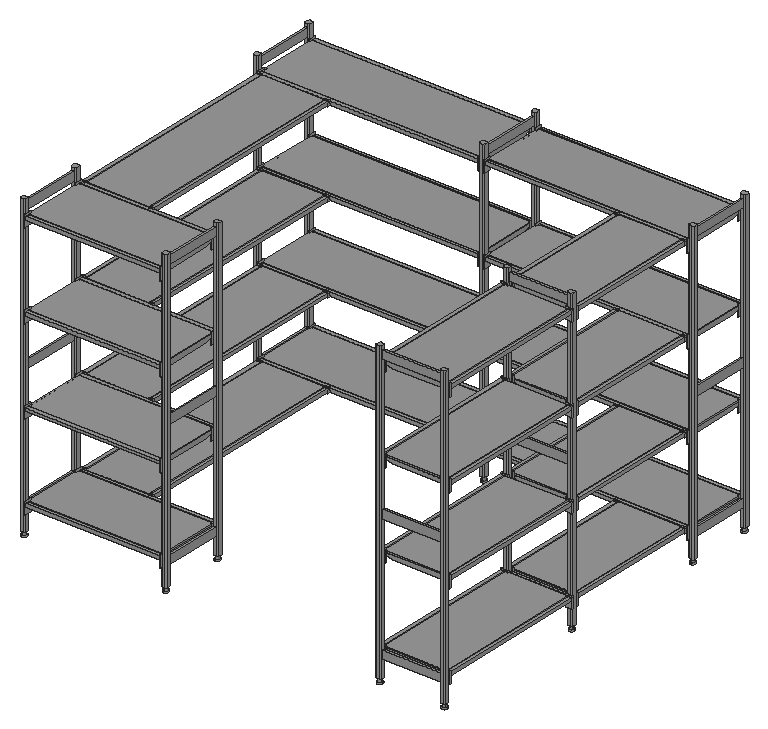
Revit family "QF_ELECTROLUXPROFESSIONAL_137102_CRS2420", category Attrezzature speciali, Revit 2020 (continued)
Definition of nested family "QF_708G"
  Definition of nested family "WT_Aggancio373B"
    Parameters
      A = 708 mm
    Reference planes
      plane 1: z = 0
      plane 2 "LEFT": x = -417
      plane 3 "BACK": y = 23
      plane 4 "FRONT": y = -350
      plane 5 "TOP": z = 1590
      plane 6 "Center (Front/Back)": y = -163.5
      plane 7: y = -8.5
      plane 8: y = -318.5
      plane 9 "FEET": z = 25
      plane 10: z = 140
      plane 11: z = 590
      plane 12: z = 1040
      plane 13: z = 1490
      plane 14: y = 5.5
      plane 15 "CYBack": y = 5.5
      plane 16 "CYFront": y = -332.5
    Forms (mm)
      Extrusion 1, solid
        sketch origin (-380, -0.022, 0) x (0, 1, 0) y (0, 0, 1)
          loop
            line (-12, 1497.998) -> (4, 1497.998) -> (4, 1515.994) -> (2.007, 1515.994) -> (2.007, 1509.496) -> (-329, 1509.496) -> (-329, 1515.994) -> (-331, 1515.994) -> (-331, 1497.998) -> (-315, 1497.998) -> (-281, 1485.994) -> (-46, 1485.994) -> (-12, 1497.998)
          loop
            line (-12, 1047.998) -> (4, 1047.998) -> (4, 1065.994) -> (2.007, 1065.994) -> (2.007, 1059.496) -> (-329, 1059.496) -> (-329, 1065.994) -> (-331, 1065.994) -> (-331, 1047.998) -> (-315, 1047.998) -> (-281, 1035.994) -> (-46, 1035.994) -> (-12, 1047.998)
          loop
            line (-12, 597.998) -> (4, 597.998) -> (4, 615.994) -> (2.007, 615.994) -> (2.007, 609.496) -> (-329, 609.496) -> (-329, 615.994) -> (-331, 615.994) -> (-331, 597.998) -> (-315, 597.998) -> (-281, 585.994) -> (-46, 585.994) -> (-12, 597.998)
          loop
            line (-12, 147.998) -> (4, 147.998) -> (4, 165.994) -> (2.007, 165.994) -> (2.007, 159.496) -> (-329, 159.496) -> (-329, 165.994) -> (-331, 165.994) -> (-331, 147.998) -> (-315, 147.998) -> (-281, 135.994) -> (-46, 135.994) -> (-12, 147.998)
        from -32 to -37
      Extrusion 2, solid
        sketch origin (-793.062, -324.754, 6.5) x (1, 0, 0) y (0, 0, 1)
          loop
            line (385.062, 1509.496) -> (385.062, 1512.496) -> (376.062, 1512.496) -> (376.062, 1485.994) -> (390.031, 1485.994) -> (390.031, 1491.496) -> (381.062, 1491.496) -> (381.062, 1509.496) -> (385.062, 1509.496)
          loop
            line (385.062, 1059.496) -> (385.062, 1062.496) -> (376.062, 1062.496) -> (376.062, 1035.994) -> (390.031, 1035.994) -> (390.031, 1041.496) -> (381.062, 1041.496) -> (381.062, 1059.496) -> (385.062, 1059.496)
          loop
            line (385.062, 609.496) -> (385.062, 612.496) -> (376.062, 612.496) -> (376.062, 585.994) -> (390.031, 585.994) -> (390.031, 591.496) -> (381.062, 591.496) -> (381.062, 609.496) -> (385.062, 609.496)
          loop
            line (385.062, 159.496) -> (385.062, 162.496) -> (376.062, 162.496) -> (376.062, 135.994) -> (390.031, 135.994) -> (390.031, 141.496) -> (381.062, 141.496) -> (381.062, 159.496) -> (385.062, 159.496)
        from 6.268 to 25.246
      Extrusion 3, solid
        sketch origin (-793.062, 32.754, 6.5) x (1, 0, 0) y (0, 0, 1)
          loop
            line (385.062, 1509.496) -> (385.062, 1512.496) -> (376.062, 1512.496) -> (376.062, 1485.994) -> (390.031, 1485.994) -> (390.031, 1491.496) -> (381.062, 1491.496) -> (381.062, 1509.496) -> (385.062, 1509.496)
          loop
            line (385.062, 1059.496) -> (385.062, 1062.496) -> (376.062, 1062.496) -> (376.062, 1035.994) -> (390.031, 1035.994) -> (390.031, 1041.496) -> (381.062, 1041.496) -> (381.062, 1059.496) -> (385.062, 1059.496)
          loop
            line (385.062, 609.496) -> (385.062, 612.496) -> (376.062, 612.496) -> (376.062, 585.994) -> (390.031, 585.994) -> (390.031, 591.496) -> (381.062, 591.496) -> (381.062, 609.496) -> (385.062, 609.496)
          loop
            line (385.062, 159.496) -> (385.062, 162.496) -> (376.062, 162.496) -> (376.062, 135.994) -> (390.031, 135.994) -> (390.031, 141.496) -> (381.062, 141.496) -> (381.062, 159.496) -> (385.062, 159.496)
        from 9.754 to 28.776
    Lines and regions (mm)
      symbolic lines
        curve 1: line (-412, -350, 0) -> (-408, -350, 0)
        curve 2: line (-412, -331.022, 0) -> (-412, -350, 0)
        curve 3: line (-408, -331.022, 0) -> (-412, -331.022, 0)
        curve 4: line (-408, -350, 0) -> (-408, -331.022, 0)
        curve 5: line (-412, 3.978, 0) -> (-408, 3.978, 0)
        curve 6: line (-412, 23, 0) -> (-412, 3.978, 0)
        curve 7: line (-408, 23, 0) -> (-412, 23, 0)
        curve 8: line (-408, 3.978, 0) -> (-408, 23, 0)
    Dimensions and locks
      "Height": plane 5 "TOP" to level
      "Depth": plane 3 "BACK" to plane 4 "FRONT"
      "Dint": plane 7 to plane 8
      equal spacing: plane 7, plane 6 "Center (Front/Back)", plane 8
      equal spacing: plane 3 "BACK", plane 6 "Center (Front/Back)", plane 4 "FRONT"
      plane 9 "FEET" to level = 25 mm
      plane 10 to plane 9 "FEET" = 115 mm
      locked: plane 11 to plane 10 at 450
      locked: plane 12 to plane 11 at 450
      locked: plane 13 to plane 12 at 450
      locked: plane 3 "BACK" to plane 15 "CYBack" at 17.5
      locked: plane 16 "CYFront" to plane 4 "FRONT" at 17.5
      aligned and locked: level to plane 1
      aligned and locked: Extrusion 1 sketch curve to Extrusion 1 sketch curve  (x3)
    Automatic sketch dimensions
      plane 16 "CYFront" to Extrusion 1 sketch curve = 1.478 mm  (x4)
      Extrusion 1 sketch curve to Extrusion 1 sketch curve = 2 mm
      plane 8 to Extrusion 1 sketch curve = 3.478 mm  (x4)
      Extrusion 1 sketch curve to plane 10 = 4.006 mm
      Extrusion 1 sketch curve to Extrusion 1 sketch curve = 34 mm  (x4)
      Extrusion 1 sketch curve to plane 11 = 4.006 mm
      Extrusion 1 sketch curve to plane 12 = 4.006 mm
      Extrusion 1 sketch curve to plane 13 = 4.006 mm
      Extrusion 1 sketch curve to plane 7 = 37.522 mm  (x4)
      Extrusion 1 sketch curve to plane 7 = 3.522 mm  (x4)
      plane 14 to Extrusion 1 sketch curve = 3.516 mm  (x4)
      plane 14 to Extrusion 1 sketch curve = 1.522 mm  (x4)
      plane 10 to Extrusion 1 sketch curve = 7.998 mm  (x2)
      Extrusion 1 sketch curve to Extrusion 1 sketch curve = 11.498 mm  (x4)
      Extrusion 1 sketch curve to Extrusion 1 sketch curve = 6.499 mm  (x8)
      plane 11 to Extrusion 1 sketch curve = 7.998 mm  (x2)
      plane 12 to Extrusion 1 sketch curve = 7.998 mm  (x2)
      plane 13 to Extrusion 1 sketch curve = 7.998 mm  (x2)
      plane 2 "LEFT" to Extrusion 2 sketch curve = 0 mm  (x4)
      plane 13 to Extrusion 2 sketch curve = 7.996 mm
      plane 11 to Extrusion 2 sketch curve = 7.996 mm
      Extrusion 2 sketch curve to Extrusion 2 sketch curve = 5 mm  (x4)
      plane 11 to Extrusion 2 sketch curve = 2.494 mm
      plane 10 to Extrusion 2 sketch curve = 28.996 mm
      Extrusion 2 sketch curve to Extrusion 2 sketch curve = 3 mm  (x4)
      plane 10 to Extrusion 2 sketch curve = 7.996 mm
      plane 10 to Extrusion 2 sketch curve = 2.494 mm
      Extrusion 2 sketch curve to Extrusion 2 sketch curve = 18 mm  (x3)
      plane 12 to Extrusion 2 sketch curve = 2.494 mm
      plane 12 to Extrusion 2 sketch curve = 7.996 mm
      plane 13 to Extrusion 2 sketch curve = 2.494 mm
      plane 2 "LEFT" to Extrusion 3 sketch curve = 0 mm  (x4)
      plane 13 to Extrusion 3 sketch curve = 7.996 mm
      plane 11 to Extrusion 3 sketch curve = 7.996 mm
      Extrusion 3 sketch curve to Extrusion 3 sketch curve = 5 mm  (x4)
      plane 11 to Extrusion 3 sketch curve = 2.494 mm
      plane 10 to Extrusion 3 sketch curve = 28.996 mm
      Extrusion 3 sketch curve to Extrusion 3 sketch curve = 3 mm  (x4)
      plane 10 to Extrusion 3 sketch curve = 7.996 mm
      plane 10 to Extrusion 3 sketch curve = 2.494 mm
      Extrusion 3 sketch curve to Extrusion 3 sketch curve = 18 mm  (x3)
      plane 12 to Extrusion 3 sketch curve = 2.494 mm
      plane 12 to Extrusion 3 sketch curve = 7.996 mm
      plane 13 to Extrusion 3 sketch curve = 2.494 mm
      plane 2 "LEFT" to curve 1 = 5 mm
      plane 2 "LEFT" to curve 7 = 5 mm
      curve 1 to plane 16 "CYFront" = 17.5 mm
      curve 3 to plane 8 = 12.522 mm
      plane 7 to curve 5 = 12.478 mm
      curve 7 to plane 14 = 17.5 mm
      curve 5 to curve 5 = 4 mm
      curve 1 to curve 4 = 4 mm
      Extrusion 2 sketch curve to Extrusion 2 sketch curve = 4 mm  (x4)
      Extrusion 2 sketch curve to Extrusion 2 sketch curve = 8.969 mm  (x4)
      Extrusion 3 sketch curve to Extrusion 3 sketch curve = 4 mm  (x4)
      Extrusion 3 sketch curve to Extrusion 3 sketch curve = 8.969 mm  (x4)
Definition of nested family "QF_798"
  Parameters
    Default Elevation = 0 mm
    Model = "137011"
    Manufacturer = "Electrolux Professional"
    Description = ""
  Reference planes
    plane 1: z = 0
    plane 2 "Center (Left/Right)": x = -31
    plane 3 "LEFT": x = -462
    plane 4 "RIGHT": x = 400
    plane 5 "BACK": y = 23
    plane 6 "FRONT": y = -350
    plane 7 "TOP": z = 1700
    plane 8: x = 395
    plane 9: x = -430
    plane 10: x = 368
    plane 11 "Center (Front/Back)": y = -163.5
    plane 12: x = 363
    plane 13: y = -8.5
    plane 14: y = -318.5
    plane 15 "FEET": z = 25
    plane 16: z = 140
    plane 17: z = 590
    plane 18: z = 1040
    plane 19: z = 1490
    plane 20 "CXLeft": x = -448
    plane 21 "CXRight": x = 386
    plane 22: y = 5.5
    plane 23 "CYBack": y = 5.5
    plane 24 "CYFront": y = -332.5
  Forms (mm)
    Extrusion 1, solid
      sketch origin (-462, 0, 0) x (0, 1, 0) y (0, 0, 1)
        loop
          line (4, 1515.994) -> (4, 1497.998) -> (23, 1497.998) -> (23, 1515.994) -> (4, 1515.994)
        loop
          line (-331, 1515.994) -> (-350, 1515.994) -> (-350, 1497.998) -> (-331, 1497.998) -> (-331, 1515.994)
        loop
          line (4, 1065.994) -> (4, 1047.998) -> (23, 1047.998) -> (23, 1065.994) -> (4, 1065.994)
        loop
          line (-331, 1065.994) -> (-350, 1065.994) -> (-350, 1047.998) -> (-331, 1047.998) -> (-331, 1065.994)
        loop
          line (4, 615.994) -> (4, 597.998) -> (23, 597.998) -> (23, 615.994) -> (4, 615.994)
        loop
          line (-331, 615.994) -> (-350, 615.994) -> (-350, 597.998) -> (-331, 597.998) -> (-331, 615.994)
        loop
          line (4, 165.994) -> (4, 147.998) -> (23, 147.998) -> (23, 165.994) -> (4, 165.994)
        loop
          line (-331, 165.994) -> (-350, 165.994) -> (-350, 147.998) -> (-331, 147.998) -> (-331, 165.994)
      from 32 to 830
    Extrusion 2, solid
      sketch origin (-462, 0, 135) x (0, 1, 0) y (0, 0, 1)
        loop
          line (2.007, 1380.994) -> (-329, 1380.994) -> (-329, 1374.496) -> (2.007, 1374.496) -> (2.007, 1380.994)
        loop
          line (2.007, 930.994) -> (-329, 930.994) -> (-329, 924.496) -> (2.007, 924.496) -> (2.007, 930.994)
        loop
          line (2.007, 480.994) -> (-329, 480.994) -> (-329, 474.496) -> (2.007, 474.496) -> (2.007, 480.994)
        loop
          line (2.007, 30.994) -> (-329, 30.994) -> (-329, 24.496) -> (2.007, 24.496) -> (2.007, 30.994)
      from 32 to 830
    Extrusion 3, solid
      sketch origin (400, 0, 135) x (0, 1, 0) y (0, 0, 1)
        loop
          line (-12, 1362.998) -> (4, 1362.998) -> (4, 1380.994) -> (2.007, 1380.994) -> (2.007, 1374.496) -> (-329, 1374.496) -> (-329, 1380.994) -> (-331, 1380.994) -> (-331, 1362.998) -> (-315, 1362.998) -> (-281, 1350.994) -> (-46, 1350.994) -> (-12, 1362.998)
        loop
          line (-12, 912.998) -> (4, 912.998) -> (4, 930.994) -> (2.007, 930.994) -> (2.007, 924.496) -> (-329, 924.496) -> (-329, 930.994) -> (-331, 930.994) -> (-331, 912.998) -> (-315, 912.998) -> (-281, 900.994) -> (-46, 900.994) -> (-12, 912.998)
        loop
          line (-12, 462.998) -> (4, 462.998) -> (4, 480.994) -> (2.007, 480.994) -> (2.007, 474.496) -> (-329, 474.496) -> (-329, 480.994) -> (-331, 480.994) -> (-331, 462.998) -> (-315, 462.998) -> (-281, 450.994) -> (-46, 450.994) -> (-12, 462.998)
        loop
          line (-12, 12.998) -> (4, 12.998) -> (4, 30.994) -> (2.007, 30.994) -> (2.007, 24.496) -> (-329, 24.496) -> (-329, 30.994) -> (-331, 30.994) -> (-331, 12.998) -> (-315, 12.998) -> (-281, 0.994) -> (-46, 0.994) -> (-12, 12.998)
      from -32 to -37
  Lines and regions (mm)
    symbolic lines
      curve 1: line (368, 4, 1700) -> (-430, 4, 1700)
      curve 2: line (-434, 23, 1700) -> (372, 23, 1700)
      curve 3: line (372, 13.246, 1700) -> (378.254, 19.5, 1700)
      curve 4: line (378.254, -8.5, 1700) -> (372, -2.246, 1700)
      curve 5: line (378.254, -318.5, 1700) -> (372, -324.754, 1700)
      curve 6: line (-434, -350, 1700) -> (372, -350, 1700)
      curve 7: line (372, 23, 1700) -> (372, -12.993, 1700)
      curve 8: line (372, -12.993, 1700) -> (368, -12.993, 1700)
      curve 9: line (372, -350, 1700) -> (372, -314.007, 1700)
      curve 10: line (372, -314.007, 1700) -> (368, -314.007, 1700)
      curve 11: line (-430, -12.993, 1700) -> (-430, -314.007, 1700)
      curve 12: line (-430, -331, 1700) -> (368, -331, 1700)
      curve 13: line (368, -12.993, 1700) -> (368, -314.007, 1700)
  Dimensions and locks
    locked: plane 3 "LEFT" to plane 4 "RIGHT" at 862
    equal spacing: plane 3 "LEFT", plane 2 "Center (Left/Right)", plane 4 "RIGHT"
    locked: plane 7 "TOP" to level at 1700
    locked: plane 5 "BACK" to plane 6 "FRONT" at 373
    locked: plane 4 "RIGHT" to plane 8 at 5
    locked: plane 9 to plane 10 at 798
    locked: plane 3 "LEFT" to plane 9 at 32
    plane 12 to plane 10 = 5 mm
    locked: plane 13 to plane 14 at 310
    equal spacing: plane 13, plane 11 "Center (Front/Back)", plane 14
    equal spacing: plane 5 "BACK", plane 11 "Center (Front/Back)", plane 6 "FRONT"
    plane 15 "FEET" to level = 25 mm
    plane 7 "TOP" to plane 15 "FEET" = 1675 mm
    plane 17 to plane 16 = 450 mm
    plane 18 to plane 17 = 450 mm
    plane 19 to plane 18 = 450 mm
    locked: plane 3 "LEFT" to plane 20 "CXLeft" at 14
    locked: plane 21 "CXRight" to plane 4 "RIGHT" at 14
    locked: plane 5 "BACK" to plane 23 "CYBack" at 17.5
    locked: plane 24 "CYFront" to plane 6 "FRONT" at 17.5
    plane 16 to level = 140 mm
    plane 17 to level = 590 mm
    plane 18 to level = 1040 mm
    plane 19 to level = 1490 mm
    aligned and locked: level to plane 1
    aligned and locked: plane 9 to Extrusion 2
    aligned and locked: Extrusion 2 to plane 10
    aligned and locked: plane 9 to Extrusion 1
    aligned and locked: Extrusion 1 to plane 10
    aligned and locked: Extrusion 1 sketch curve to Extrusion 1 sketch curve  (x2)
    aligned and locked: Extrusion 3 sketch curve to Extrusion 3 sketch curve  (x3)
    aligned and locked: Extrusion 3 to plane 12
    aligned and locked: Extrusion 3 to plane 10
    aligned and locked: plane 20 "CXLeft" to nested 1
    aligned and locked: plane 21 "CXRight" to nested 2
  Automatic sketch dimensions
    Extrusion 1 sketch curve to plane 6 "FRONT" = 0 mm  (x4)
    Extrusion 1 sketch curve to plane 5 "BACK" = 0 mm  (x4)
    plane 24 "CYFront" to Extrusion 1 sketch curve = 1.5 mm  (x2)
    plane 22 to Extrusion 1 sketch curve = 1.5 mm  (x4)
    plane 16 to Extrusion 1 sketch curve = 7.998 mm  (x2)
    Extrusion 1 sketch curve to Extrusion 1 sketch curve = 17.997 mm  (x8)
    plane 17 to Extrusion 1 sketch curve = 7.998 mm  (x2)
    plane 18 to Extrusion 1 sketch curve = 7.998 mm  (x2)
    plane 19 to Extrusion 1 sketch curve = 7.998 mm  (x2)
    plane 24 "CYFront" to Extrusion 2 sketch curve = 3.5 mm  (x4)
    plane 22 to Extrusion 2 sketch curve = 3.493 mm  (x4)
    plane 16 to Extrusion 2 sketch curve = 19.496 mm
    Extrusion 2 sketch curve to Extrusion 2 sketch curve = 6.499 mm  (x4)
    plane 17 to Extrusion 2 sketch curve = 19.496 mm
    plane 18 to Extrusion 2 sketch curve = 19.496 mm
    plane 19 to Extrusion 2 sketch curve = 19.496 mm
    plane 24 "CYFront" to Extrusion 3 sketch curve = 1.5 mm  (x4)
    Extrusion 3 sketch curve to Extrusion 3 sketch curve = 2 mm
    plane 14 to Extrusion 3 sketch curve = 3.5 mm  (x4)
    Extrusion 3 sketch curve to plane 16 = 4.006 mm
    Extrusion 3 sketch curve to Extrusion 3 sketch curve = 34 mm  (x4)
    Extrusion 3 sketch curve to plane 17 = 4.006 mm
    Extrusion 3 sketch curve to plane 18 = 4.006 mm
    Extrusion 3 sketch curve to plane 19 = 4.006 mm
    Extrusion 3 sketch curve to plane 13 = 37.5 mm  (x4)
    Extrusion 3 sketch curve to plane 13 = 3.5 mm  (x4)
    plane 22 to Extrusion 3 sketch curve = 3.493 mm  (x4)
    plane 22 to Extrusion 3 sketch curve = 1.5 mm  (x4)
    plane 16 to Extrusion 3 sketch curve = 7.998 mm  (x2)
    Extrusion 3 sketch curve to Extrusion 3 sketch curve = 11.498 mm  (x4)
    Extrusion 3 sketch curve to Extrusion 3 sketch curve = 6.499 mm  (x8)
    plane 17 to Extrusion 3 sketch curve = 7.998 mm  (x2)
    plane 18 to Extrusion 3 sketch curve = 7.998 mm  (x2)
    plane 19 to Extrusion 3 sketch curve = 7.998 mm  (x2)
    curve 6 to plane 6 "FRONT" = 0 mm
    curve 12 to plane 9 = 0 mm
    curve 12 to plane 10 = 0 mm
    curve 5 to plane 14 = 0 mm
    curve 11 to plane 9 = 0 mm
    curve 8 to plane 10 = 0 mm
    curve 4 to plane 13 = 0 mm
    curve 1 to plane 9 = 0 mm
    curve 1 to plane 10 = 0 mm
    curve 2 to plane 5 "BACK" = 0 mm
    plane 14 to curve 10 = 4.493 mm
    curve 7 to plane 13 = 4.493 mm
    curve 10 to plane 10 = 4 mm
    curve 7 to plane 10 = 4 mm
    plane 24 "CYFront" to curve 12 = 1.5 mm
    curve 5 to plane 14 = 6.254 mm
    plane 14 to curve 11 = 4.493 mm
    curve 11 to plane 13 = 4.493 mm
    plane 13 to curve 4 = 6.254 mm
    plane 22 to curve 1 = 1.5 mm
    curve 3 to plane 22 = 7.746 mm
    curve 3 to plane 5 "BACK" = 3.5 mm
    curve 5 to curve 9 = 6.254 mm
    curve 3 to curve 2 = 6.254 mm
    curve 4 to curve 7 = 6.254 mm
    plane 9 to curve 2 = 4 mm
    plane 9 to curve 6 = 4 mm
  Nested families
    nested 1: "WT_Anta373B" at (-45, 0, 0), type "WT_Anta373B"
    nested 2: "WT_Anta373B" at (-17, 0, 0) x (-1, 0, 0) z (0, 0, 1), type "WT_Anta373B"
  Definition of nested family "WT_Anta373B"
    Parameters
      WidthLeft = A + 64 mm  # 772 mm
      Width = 1606 mm
      Right = WidthLeft / 2  # 386 mm
      Default Elevation = 0 mm
      Left = -WidthLeft / 2  # -386 mm
      Height = 1590 mm
      FEET = 25 mm
      E = 0 mm
      Dint = Depth - 63 mm  # 310 mm
      Dext = Depth - 8 mm  # 365 mm
      Depth = 373 mm
      DX = (WidthLeft - A) / 2  # 32 mm
      B = 798 mm
      A = 708 mm
    Reference planes
      plane 1: z = 0
      plane 2 "LEFT": x = -417
      plane 3 "BACK": y = 23
      plane 4 "FRONT": y = -350
      plane 5 "TOP": z = 1590
      plane 6 "Center (Front/Back)": y = -163.5
      plane 7: y = -8.5
      plane 8: y = -318.5
      plane 9 "FEET": z = 25
      plane 10: z = 140
      plane 11: z = 590
      plane 12: z = 1040
      plane 13: z = 1490
      plane 14 "CXLeft": x = -403
      plane 15: y = 5.5
      plane 16 "CYBack": y = 5.5
      plane 17 "CYFront": y = -332.5
      plane 18: x = -385.031
      plane 19: x = -380.031
    Forms (mm)
      Extrusion 1, solid
        sketch origin (0, 0, 0) x (1, 0, 0) y (0, 1, 0)
          loop
            line (-417, 13.246) -> (-417, -2.246) -> (-410.746, -8.5) -> (-395.254, -8.5) -> (-389, -2.246) -> (-389, 13.246) -> (-395.254, 19.5) -> (-410.746, 19.5) -> (-417, 13.246)
        from 1590 to 25
      Extrusion 2, solid
        sketch origin (-417, 0, 0) x (0, 1, 0) y (0, 0, 1)
          loop
            line (23, 111.005) -> (23, 172.993) -> (-12.993, 172.993) -> (-12.993, 111.005) -> (23, 111.005)
          loop
            line (-350, 111.005) -> (-314.007, 111.005) -> (-314.007, 172.993) -> (-350, 172.993) -> (-350, 111.005)
          loop
            line (23, 561.005) -> (23, 622.993) -> (-12.993, 622.993) -> (-12.993, 561.005) -> (23, 561.005)
          loop
            line (-350, 561.005) -> (-314.007, 561.005) -> (-314.007, 622.993) -> (-350, 622.993) -> (-350, 561.005)
          loop
            line (23, 1011.005) -> (23, 1072.993) -> (-12.993, 1072.993) -> (-12.993, 1011.005) -> (23, 1011.005)
          loop
            line (-350, 1011.005) -> (-314.007, 1011.005) -> (-314.007, 1072.993) -> (-350, 1072.993) -> (-350, 1011.005)
          loop
            line (23, 1461.005) -> (23, 1522.993) -> (-12.993, 1522.993) -> (-12.993, 1461.005) -> (23, 1461.005)
          loop
            line (-350, 1461.005) -> (-314.007, 1461.005) -> (-314.007, 1522.993) -> (-350, 1522.993) -> (-350, 1461.005)
        from 28 to 32
      Revolve 3, solid
        sketch origin (-403, 0, 0) x (0, 1, 0) y (0, 0, 1)
          loop
            line (5.5, 25) -> (5.5, 0) -> (19, 0) -> (19, 5) -> (14, 5) -> (14, 25) -> (5.5, 25)
          axis (5.5, 25) -> (5.5, 0)
        angle from 0 to 360
      Extrusion 4, solid
        sketch origin (-403, 0, 0) x (0, 1, 0) y (0, 0, 1)
          loop
            line (-8.5, 777.382) -> (-8.5, 822.374) -> (-318.5, 822.374) -> (-318.5, 777.382) -> (-8.5, 777.382)
          loop
            line (-8.5, 1527.244) -> (-8.5, 1572.236) -> (-318.5, 1572.236) -> (-318.5, 1527.244) -> (-8.5, 1527.244)
        from -5 to 5
      Revolve 5, solid
        sketch origin (-403, -627, 0) x (0, -1, 0) y (0, 0, 1)
          loop
            line (-294.5, 25) -> (-294.5, 0) -> (-281, 0) -> (-281, 5) -> (-286, 5) -> (-286, 25) -> (-294.5, 25)
          axis (-294.5, 25) -> (-294.5, 0)
        angle from 0 to 360
      Extrusion 6, solid
        sketch origin (0, -627, 0) x (1, 0, 0) y (0, 1, 0)
          loop
            line (-417, 286.754) -> (-410.746, 280.5) -> (-395.254, 280.5) -> (-389, 286.754) -> (-389, 302.246) -> (-395.254, 308.5) -> (-410.746, 308.5) -> (-417, 302.246) -> (-417, 286.754)
        from 1590 to 25
      Extrusion 7, solid
        sketch origin (-417.031, -0.022, 0) x (0, 1, 0) y (0, 0, -1)
          loop
            line (-12, -1497.998) -> (-46, -1485.994) -> (-281, -1485.994) -> (-315, -1497.998) -> (-331, -1497.998) -> (-331, -1515.994) -> (-329, -1515.994) -> (-329, -1509.496) -> (2.007, -1509.496) -> (2.007, -1515.994) -> (4, -1515.994) -> (4, -1497.998) -> (-12, -1497.998)
          loop
            line (-12, -1047.998) -> (-46, -1035.994) -> (-281, -1035.994) -> (-315, -1047.998) -> (-331, -1047.998) -> (-331, -1065.994) -> (-329, -1065.994) -> (-329, -1059.496) -> (2.007, -1059.496) -> (2.007, -1065.994) -> (4, -1065.994) -> (4, -1047.998) -> (-12, -1047.998)
          loop
            line (-12, -597.998) -> (-46, -585.994) -> (-281, -585.994) -> (-315, -597.998) -> (-331, -597.998) -> (-331, -615.994) -> (-329, -615.994) -> (-329, -609.496) -> (2.007, -609.496) -> (2.007, -615.994) -> (4, -615.994) -> (4, -597.998) -> (-12, -597.998)
          loop
            line (-12, -147.998) -> (-46, -135.994) -> (-281, -135.994) -> (-315, -147.998) -> (-331, -147.998) -> (-331, -165.994) -> (-329, -165.994) -> (-329, -159.496) -> (2.007, -159.496) -> (2.007, -165.994) -> (4, -165.994) -> (4, -147.998) -> (-12, -147.998)
        from -32 to -37
      Extrusion 8, solid
        sketch origin (-403, 0, -659.878) x (0, 1, 0) y (0, 0, 1)
          loop
            line (-8.5, 777.382) -> (-8.5, 822.374) -> (-318.5, 822.374) -> (-318.5, 777.382) -> (-8.5, 777.382)
          loop
            line (-8.5, 1437.382) -> (-8.5, 1482.374) -> (-318.5, 1482.374) -> (-318.5, 1437.382) -> (-8.5, 1437.382)
          loop
            line (-8.5, 2187.382) -> (-8.5, 2232.374) -> (-318.5, 2232.374) -> (-318.5, 2187.382) -> (-8.5, 2187.382)
        from -5 to 5
    Lines and regions (mm)
      symbolic lines
        curve 1: line (-408, -8.5, 1590) -> (-408, -318.5, 1590)
        curve 2: line (-398, -318.5, 1590) -> (-398, -8.5, 1590)
        curve 3: line (-395.254, -8.5, 1590) -> (-410.746, -8.5, 1590)
        curve 4: line (-417, -2.246, 1590) -> (-410.746, -8.5, 1590)
        curve 5: line (-417, 13.246, 1590) -> (-417, -2.246, 1590)
        curve 6: line (-410.746, 19.5, 1590) -> (-417, 13.246, 1590)
        curve 7: line (-395.254, 19.5, 1590) -> (-410.746, 19.5, 1590)
        curve 8: line (-389, 13.246, 1590) -> (-395.254, 19.5, 1590)
        curve 9: line (-395.254, -8.5, 1590) -> (-389, -2.246, 1590)
        curve 10: line (-395.254, -318.5, 1590) -> (-410.746, -318.5, 1590)
        curve 11: line (-417, -324.754, 1590) -> (-410.746, -318.5, 1590)
        curve 12: line (-410.746, -346.5, 1590) -> (-417, -340.246, 1590)
        curve 13: line (-395.254, -346.5, 1590) -> (-410.746, -346.5, 1590)
        curve 14: line (-389, -340.246, 1590) -> (-395.254, -346.5, 1590)
        curve 15: line (-395.254, -318.5, 1590) -> (-389, -324.754, 1590)
        curve 16: line (-389, -350, 1590) -> (-389, -314.007, 1590)
        curve 17: line (-389, -314.007, 1590) -> (-385, -314.007, 1590)
        curve 18: line (-389, 23, 1590) -> (-389, -12.993, 1590)
        curve 19: line (-389, -12.993, 1590) -> (-385, -12.993, 1590)
        curve 20: line (-417, -324.754, 1590) -> (-417, -340.246, 1590)
        curve 21: line (-385, -350, 1590) -> (-385, -314.007, 1590)
        curve 22: line (-385, -350, 1590) -> (-389, -350, 1590)
        curve 23: line (-385, 23, 1590) -> (-389, 23, 1590)
        curve 24: line (-385, -12.993, 1590) -> (-385, 23, 1590)
        curve 25: line (-385.031, -13.016, 1725) -> (-385.031, -314.029, 1725)
    Dimensions and locks
      "Depth": plane 3 "BACK" to plane 4 "FRONT"
      "Dint": plane 7 to plane 8
      equal spacing: plane 7, plane 6 "Center (Front/Back)", plane 8
      equal spacing: plane 3 "BACK", plane 6 "Center (Front/Back)", plane 4 "FRONT"
      plane 9 "FEET" to level = 25 mm
      plane 10 to plane 9 "FEET" = 115 mm
      plane 11 to plane 10 = 450 mm
      plane 12 to plane 11 = 450 mm
      plane 13 to plane 12 = 450 mm
      locked: plane 2 "LEFT" to plane 14 "CXLeft" at 14
      locked: plane 3 "BACK" to plane 16 "CYBack" at 17.5
      locked: plane 17 "CYFront" to plane 4 "FRONT" at 17.5
      locked: Revolve 3 sketch curve to Revolve 3 sketch curve at 8.5
      locked: Revolve 3 sketch curve to plane 16 "CYBack" at 13.5
      locked: Revolve 5 sketch curve to Revolve 5 sketch curve at 8.5
      plane 10 to level = 140 mm
      plane 11 to level = 590 mm
      plane 12 to level = 1040 mm
      plane 13 to level = 1490 mm
      "Height": plane 5 "TOP" to level
      aligned and locked: level to plane 1
      aligned and locked: curve 20 to Extrusion 6
      aligned and locked: plane 5 "TOP" to Extrusion 1
      aligned and locked: plane 5 "TOP" to Extrusion 6
      aligned and locked: Extrusion 7 sketch curve to Extrusion 7 sketch curve  (x3)
    Automatic sketch dimensions
      curve 16 to plane 4 "FRONT" = 0 mm
      curve 11 to plane 8 = 0 mm
      curve 9 to plane 7 = 0 mm
      curve 5 to plane 2 "LEFT" = 0 mm
      curve 23 to plane 3 "BACK" = 0 mm
      plane 4 "FRONT" to curve 13 = 3.5 mm
      curve 20 to plane 17 "CYFront" = 7.746 mm
      curve 20 to plane 8 = 6.254 mm
      plane 8 to curve 16 = 4.493 mm
      curve 24 to plane 18 = 0.031 mm
      curve 24 to plane 7 = 4.493 mm
      plane 7 to curve 5 = 6.254 mm
      curve 5 to plane 15 = 7.746 mm
      curve 6 to plane 3 "BACK" = 3.5 mm
      curve 21 to plane 18 = 0.031 mm
      plane 18 to curve 23 = 3.969 mm
      plane 18 to curve 16 = 3.969 mm
      curve 18 to curve 8 = 6.254 mm
      curve 18 to curve 3 = 6.254 mm
      curve 16 to curve 13 = 6.254 mm
      curve 16 to curve 15 = 6.254 mm
      plane 2 "LEFT" to curve 10 = 6.254 mm
      plane 2 "LEFT" to curve 7 = 6.254 mm
      plane 2 "LEFT" to curve 12 = 6.254 mm
      plane 2 "LEFT" to curve 3 = 6.254 mm
      curve 14 to plane 17 "CYFront" = 7.746 mm
      curve 15 to plane 8 = 6.254 mm
      plane 7 to curve 9 = 6.254 mm
      curve 8 to plane 15 = 7.746 mm
      curve 3 to curve 2 = 2.746 mm
      curve 1 to curve 10 = 2.746 mm
      Extrusion 1 sketch curve to plane 2 "LEFT" = 0 mm
      Extrusion 1 sketch curve to plane 7 = 0 mm
      plane 2 "LEFT" to Extrusion 1 sketch curve = 6.254 mm  (x2)
      plane 14 "CXLeft" to Extrusion 1 sketch curve = 7.746 mm  (x2)
      Extrusion 1 sketch curve to plane 3 "BACK" = 3.5 mm
      plane 18 to Extrusion 1 sketch curve = 3.969 mm
      plane 7 to Extrusion 1 sketch curve = 6.254 mm  (x2)
      Extrusion 1 sketch curve to plane 15 = 7.746 mm  (x2)
      Extrusion 2 sketch curve to plane 4 "FRONT" = 0 mm  (x4)
      Extrusion 2 sketch curve to plane 3 "BACK" = 0 mm  (x4)
      plane 8 to Extrusion 2 sketch curve = 4.493 mm  (x4)
      Extrusion 2 sketch curve to plane 7 = 4.493 mm  (x4)
      Extrusion 2 sketch curve to plane 10 = 28.995 mm  (x2)
      plane 10 to Extrusion 2 sketch curve = 32.993 mm  (x2)
      Extrusion 2 sketch curve to plane 11 = 28.995 mm  (x2)
      plane 11 to Extrusion 2 sketch curve = 32.993 mm  (x2)
      Extrusion 2 sketch curve to plane 12 = 28.995 mm  (x2)
      plane 12 to Extrusion 2 sketch curve = 32.993 mm  (x2)
      Extrusion 2 sketch curve to plane 13 = 28.995 mm  (x2)
      plane 13 to Extrusion 2 sketch curve = 32.993 mm  (x2)
      Revolve 3 sketch curve to plane 9 "FEET" = 0 mm  (x2)
      Revolve 3 sketch curve to plane 15 = 0 mm  (x2)
      Revolve 3 sketch curve to level = 0 mm
      level to Revolve 3 sketch curve = 5 mm
      Revolve 3 sketch curve to Revolve 3 sketch curve = 11.655 mm
      Extrusion 4 sketch curve to plane 8 = 0 mm  (x2)
      Extrusion 4 sketch curve to plane 7 = 0 mm  (x2)
      plane 11 to Extrusion 4 sketch curve = 187.382 mm
      Extrusion 4 sketch curve to Extrusion 4 sketch curve = 44.992 mm
      plane 13 to Extrusion 4 sketch curve = 37.244 mm
      Extrusion 4 sketch curve to plane 5 "TOP" = 17.764 mm
      Revolve 5 sketch curve to plane 9 "FEET" = 0 mm  (x2)
      Revolve 5 sketch curve to plane 17 "CYFront" = 0 mm  (x2)
      Revolve 5 sketch curve to level = 0 mm
      Revolve 5 sketch curve to plane 4 "FRONT" = 4 mm
      Revolve 5 sketch curve to Revolve 5 sketch curve = 5 mm
      level to Revolve 5 sketch curve = 11.655 mm
      Extrusion 6 sketch curve to plane 2 "LEFT" = 0 mm
      Extrusion 6 sketch curve to plane 8 = 0 mm
      Extrusion 6 sketch curve to plane 2 "LEFT" = 6.254 mm  (x2)
      Extrusion 6 sketch curve to plane 14 "CXLeft" = 7.746 mm  (x2)
      Extrusion 6 sketch curve to plane 4 "FRONT" = 3.5 mm
      Extrusion 6 sketch curve to plane 18 = 3.969 mm
      plane 8 to Extrusion 6 sketch curve = 6.254 mm  (x2)
      plane 17 "CYFront" to Extrusion 6 sketch curve = 7.746 mm  (x2)
      plane 17 "CYFront" to Extrusion 7 sketch curve = 1.478 mm  (x4)
      Extrusion 7 sketch curve to Extrusion 7 sketch curve = 2 mm
      plane 8 to Extrusion 7 sketch curve = 3.478 mm  (x4)
      Extrusion 7 sketch curve to plane 10 = 4.006 mm
      Extrusion 7 sketch curve to Extrusion 7 sketch curve = 34 mm  (x4)
      Extrusion 7 sketch curve to plane 11 = 4.006 mm
      Extrusion 7 sketch curve to plane 12 = 4.006 mm
      Extrusion 7 sketch curve to plane 13 = 4.006 mm
      Extrusion 7 sketch curve to plane 7 = 37.522 mm  (x4)
      Extrusion 7 sketch curve to plane 7 = 3.522 mm  (x4)
      plane 15 to Extrusion 7 sketch curve = 3.516 mm  (x4)
      plane 15 to Extrusion 7 sketch curve = 1.522 mm  (x4)
      plane 13 to Extrusion 7 sketch curve = 7.998 mm  (x2)
      Extrusion 7 sketch curve to Extrusion 7 sketch curve = 11.498 mm
      Extrusion 7 sketch curve to Extrusion 7 sketch curve = 6.499 mm  (x5)
      plane 12 to Extrusion 7 sketch curve = 25.994 mm  (x2)
      plane 12 to Extrusion 7 sketch curve = 7.998 mm  (x2)
      plane 11 to Extrusion 7 sketch curve = 25.994 mm  (x2)
      plane 11 to Extrusion 7 sketch curve = 7.998 mm  (x2)
      plane 10 to Extrusion 7 sketch curve = 25.994 mm  (x2)
      plane 10 to Extrusion 7 sketch curve = 7.998 mm  (x2)
      curve 25 to plane 18 = 0 mm
      plane 8 to curve 25 = 4.471 mm
      curve 25 to plane 7 = 4.516 mm
      Extrusion 8 sketch curve to plane 8 = 0 mm  (x3)
      Extrusion 8 sketch curve to plane 7 = 0 mm  (x3)
      Extrusion 8 sketch curve to plane 10 = 22.496 mm
      plane 10 to Extrusion 8 sketch curve = 22.496 mm
      plane 11 to Extrusion 8 sketch curve = 187.504 mm
      Extrusion 8 sketch curve to Extrusion 8 sketch curve = 44.992 mm
      plane 13 to Extrusion 8 sketch curve = 37.504 mm
      Extrusion 8 sketch curve to plane 5 "TOP" = 17.504 mm
